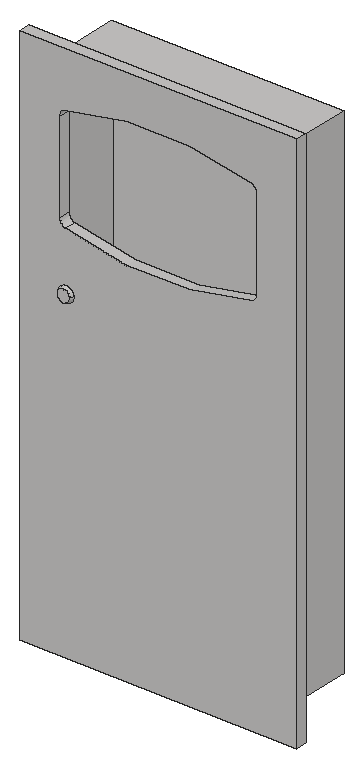
Revit family "Waste_Metlam_Recessed_9L", category Specialty Equipment, Revit 2016
Family settings
  Part Type = Normal
  Round Connector Dimension = Use Diameter
  OmniClass Number = 23.40.20.21.17
  OmniClass Title = Paper Towel Dispensers, Disposal Units
  Work Plane-Based = No
  Always vertical = Yes
  Cut with Voids When Loaded = Yes
  Shared = No
  Room Calculation Point = Yes
Parameters (values of type "365w x 115d x 720h (ML710R_MKII)")
  URL = "http://www.metlam.com.au/"
  Type Comments = "Waste Receptacles"  # constant formula
  Model = "ML710R_MKII"
  Material_ANZRS = z_Metlam_Metal_Stainless Steel_Satin
  Manufacturer_URL__Product Specific = "https://metlam.com.au/product/content/paper-towel-dispenser-comb-units/ML710R_MKII"
  Manufacturer_Spec Code = Model  # "ML710R_MKII"
  Manufacturer_Overall Width = 365 mm  # constant formula
  Manufacturer_Overall Height = 720 mm  # constant formula
  Manufacturer_Overall Depth = 115 mm  # constant formula
  Manufacturer_Height From FFL [instance] = 930 mm
  Manufacturer = "Metlam"  # constant formula
  Description = "Waste Receptacle - Recessed"
  CreatedBy_ANZRS = "IGS BIM Solutions"  # constant formula
  CreatedByURL_ANZRS = "http://www.igsgroup.com.au/"
  Assembly Code = ""
Reference planes
  plane 1 "Back": y = 0
  plane 2 "Ref. Level": z = 0
  plane 3 "Center (Left/Right)": x = 0
  plane 4 "Left": x = -182.5
  plane 5 "Right": x = 182.5
  plane 6 "Recessed_Front": y = -100
  plane 7 "Front": y = -115
  plane 8 "Top": z = 1650
  plane 9 "Bottom": z = 930
Forms (mm)
  Extrusion 1, solid, material "z_Metlam_Metal_Stainless Steel_Satin" <- "Material_ANZRS"
    sketch origin (0, 0, 1324.9) x (1, 0, 0) y (0, 0, 1)
      loop
        line (-152.5, -367.4) -> (152.5, -367.4) -> (152.5, 297.6) -> (-152.5, 297.6) -> (-152.5, -367.4)
      loop
        line (-150.5, -365.4) -> (150.5, -365.4) -> (150.5, 295.6) -> (-150.5, 295.6) -> (-150.5, -365.4)
    from 0 to 100
  Extrusion 2, solid, material "z_Metlam_Metal_Stainless Steel_Satin" <- "Material_ANZRS"
    sketch origin (0, 0, 1324.9) x (1, 0, 0) y (0, 0, 1)
      loop
        line (-152.5, -367.4) -> (152.5, -367.4) -> (152.5, 297.6) -> (-152.5, 297.6) -> (-152.5, -367.4)
    from 0 to 2
  Extrusion 3, solid, material "z_Metlam_Metal_Stainless Steel_Satin" <- "Material_ANZRS"
    sketch origin (0, 0, 1324.9) x (1, 0, 0) y (0, 0, 1)
      loop
        line (182.5, 325.1) -> (-182.5, 325.1) -> (-182.5, -394.9) -> (182.5, -394.9) -> (182.5, 325.1)
      loop
        arc (-122.84, 252.289) -> (-128.013, 248.684) -> (-130, 242.701) r 10
        line (-130, 242.701) -> (-130, 122.5)
        arc (-130, 122.5) -> (-128.013, 116.517) -> (-122.84, 112.912) r 10
        arc (-122.84, 112.912) -> (0, 95.1) -> (122.84, 112.912) r 432.5
        arc (122.84, 112.912) -> (128.013, 116.517) -> (130, 122.5) r 10
        line (130, 122.5) -> (130, 242.701)
        arc (130, 242.701) -> (128.013, 248.684) -> (122.84, 252.289) r 10
        arc (122.84, 252.289) -> (0, 270.1) -> (-122.84, 252.289) r 432.5
    from 100 to 115
  Blend 4, solid, material "z_Metlam_Metal_Stainless Steel_Satin" <- "Material_ANZRS", detail levels medium+fine
    base sketch origin (0, -112, 409.9) x (1, 0, 0) y (0, 0, 1)
      loop
        circle (-121.537, 950.198) r 10
    top sketch origin (0, -115, 409.9) x (1, 0, 0) y (0, 0, 1)
      loop
        circle (-121.537, 950.198) r 8
    from 3 to 4.649
  Extrusion 5, void
    sketch origin (0, 0, 0) x (1, 0, 0) y (0, 0, 1)
      loop
        line (-162.5, 1632.5) -> (-162.5, 947.5) -> (162.5, 947.5) -> (162.5, 1632.5) -> (-162.5, 1632.5)
    from 0 to 100
Cuts and joins
  joined: Extrusion 1, Extrusion 2
Lines and regions (mm)
  Masking region 1
    outline origin (0, 0, 0) x (1, 0, 0) y (0, 1, 0)
      loop
        line (-162, 0) -> (-162, -100) -> (-182.5, -100) -> (-182.5, -115) -> (182.5, -115) -> (182.5, -100) -> (162, -100) -> (162, 0) -> (-162, 0)
  symbolic lines, style "Bathroom Fixtures", detail levels medium+fine
    curve 1: line (-162, -100, 0) -> (162, -100, 0)
Text (mm)
  text "> Contact Manufacturer to confirm feasibility of design variations outside the scope of this Revit Family\n\n\n\nDisclaimer:\n\nDue to ongoing product development and manufacturing evolution, product details are subject to change without notice. Please refer to product technical data sheets on the manufacturer’s website for the most current product information. Please allow a +/- 5mm manufacturing tolerance for dimensions and set-outs shown in product literature." at (305.282, 86.254, 0), in view "Ref. Level_Instruction"
Dimensions and locks
  equal spacing: plane 4 "Left", plane 3 "Center (Left/Right)", plane 5 "Right"
  "Manufacturer_Overall Width": plane 4 "Left" to plane 5 "Right"
  "Manufacturer_Overall Depth": plane 7 "Front" to plane 1 "Back"
  "Manufacturer_Overall Height": plane 8 "Top" to plane 9 "Bottom"
  "Manufacturer_Height From FFL": plane 9 "Bottom" to level
  locked: plane 7 "Front" to plane 6 "Recessed_Front" at 15
  locked: Extrusion 1 sketch curve to Extrusion 1 sketch curve at 305
  locked: Extrusion 1 sketch curve to Extrusion 1 sketch curve at 665
  locked: Extrusion 1 sketch curve to Extrusion 1 sketch curve at 2  (x2)
  locked: Extrusion 5 sketch curve to Extrusion 5 sketch curve at 685
  equal spacing: Extrusion 5 sketch curve, plane 3 "Center (Left/Right)", Extrusion 5 sketch curve
  locked: Extrusion 5 sketch curve to Extrusion 5 sketch curve at 325
  locked: Extrusion 5 sketch curve to plane 9 "Bottom" at 17.5
  aligned and locked: level to plane 2 "Ref. Level"
  aligned and locked: Extrusion 3 sketch curve to plane 8 "Top"
  aligned and locked: plane 7 "Front" to Extrusion 3
  aligned and locked: Extrusion 3 to plane 6 "Recessed_Front"
  aligned and locked: Extrusion 3 sketch curve to plane 9 "Bottom"
  aligned and locked: plane 8 "Top" to Extrusion 3  (x2)
  aligned and locked: Extrusion 3 to plane 4 "Left"
  aligned and locked: Extrusion 3 to plane 5 "Right"
  aligned and locked: Extrusion 3 to plane 9 "Bottom"  (x2)
  aligned and locked: plane 4 "Left" to Extrusion 3 sketch curve
  aligned and locked: plane 5 "Right" to Extrusion 3 sketch curve
  aligned and locked: Blend 4 to Extrusion 3
  aligned and locked: Masking region 1 sketch curve to Extrusion 3  (x3)
  aligned and locked: Extrusion 3 to Masking region 1 sketch curve
  aligned and locked: plane 6 "Recessed_Front" to Extrusion 5
  aligned and locked: Extrusion 5 to plane 1 "Back"
Automatic sketch dimensions
  Extrusion 3 sketch curve to Extrusion 3 sketch curve = 7.16 mm  (x2)
  Extrusion 3 sketch curve to Extrusion 3 sketch curve = 0 mm  (x4)
  Extrusion 3 sketch curve to Extrusion 3 sketch curve = 10 mm  (x2)
  Extrusion 3 sketch curve to Extrusion 3 sketch curve = 2.84 mm  (x3)
  plane 8 "Top" to Extrusion 3 sketch curve = 202.5 mm
  Extrusion 3 sketch curve to plane 3 "Center (Left/Right)" = 0 mm  (x2)
  Blend 4 sketch curve to plane 8 "Top" = 289.903 mm  (x2)
  plane 4 "Left" to Blend 4 sketch curve = 60.963 mm  (x2)
  plane 9 "Bottom" to Extrusion 3 sketch curve = 232.5 mm
  plane 4 "Left" to Extrusion 3 sketch curve = 52.5 mm
  Extrusion 1 sketch curve to Extrusion 1 sketch curve = 2 mm  (x2)
  plane 9 "Bottom" to Extrusion 1 sketch curve = 27.5 mm
  plane 4 "Left" to Extrusion 2 sketch curve = 30 mm
  plane 5 "Right" to Extrusion 2 sketch curve = 30 mm
  plane 9 "Bottom" to Extrusion 2 sketch curve = 27.5 mm
  Extrusion 2 sketch curve to plane 8 "Top" = 27.5 mm
  plane 6 "Recessed_Front" to curve 1 = 0 mm
  plane 4 "Left" to curve 1 = 20.5 mm
  plane 5 "Right" to curve 1 = 20.5 mm
  plane 4 "Left" to Extrusion 1 sketch curve = 30 mm
  plane 6 "Recessed_Front" to Masking region 1 sketch curve = 0 mm
  plane 1 "Back" to Masking region 1 sketch curve = 0 mm
  plane 4 "Left" to Masking region 1 sketch curve = 20.5 mm
  plane 5 "Right" to Masking region 1 sketch curve = 20.5 mm
  radius of Blend 4 sketch curve = 10 mm
  radius of Blend 4 sketch curve = 8 mm
